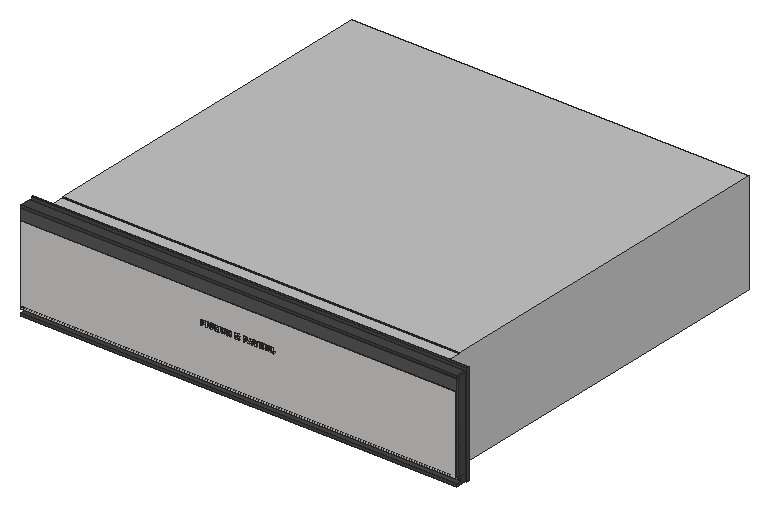
Revit family "FP_Revit_18_WB24SDEX2_Warming_Drawer_90001835A", category Specialty Equipment, Revit 2018
Family settings
  Round Connector Dimension = Use Diameter
  Part Type = Normal
  OmniClass Number = 23.40.40.00
  OmniClass Title = Food Service Equipment and Furnishings
  Work Plane-Based = No
  Always vertical = Yes
  Cut with Voids When Loaded = Yes
  Shared = No
  Room Calculation Point = No
Parameters (values of type "WB24SDEX2")
  Visibility - Clearance Required = yes
  URL = "www.fisherpaykel.com"
  Product - Width = 596 mm  # constant formula
  Product - Height = 140 mm  # constant formula
  Product - Depth = 567 mm  # constant formula
  Model = "WB24SDEX2"
  Material - Trim = Fisher & Paykel - Black
  Material - Structure = Fisher & Paykel - Black
  Material - Glass = Fisher & Paykel - Glass, Black
  Material - Door Front = Fisher & Paykel - Stainless Steel
  Material - Body = Fisher & Paykel - Grey
  Manufacturer = "Fisher & Paykel Appliances"
  FFL Offset [instance] = 740 mm
  Description = "24\" Warming Drawer"
  Connector Description - Electrical = "110 V, 60 Hz, 10 A"
  Chassis - Width = 543 mm  # constant formula
  Chassis - Height = 140 mm  # constant formula
  Chassis - Depth = 547 mm  # constant formula
  Cavity - Width = 560 mm  # constant formula
  Cavity - Height = 142 mm  # constant formula
  Cavity - Depth = 550 mm  # constant formula
Reference planes
  plane 1 "Center (Front/Back)": y = 0
  plane 2: z = 0
  plane 3 "Center (Left/Right)": x = 0
  plane 4 "Cavity - Height": z = 882
  plane 5 "Product LHS": x = -298
  plane 6 "Product RHS": x = 298
  plane 7 "Cavity LHS": x = -300
  plane 8 "Cavity RHS": x = 300
  plane 9 "Cavity - Depth": y = 550
  plane 10 "Front Face": y = -21.6
  plane 11 "Chassis - Height": z = 880
  plane 12 "FFL Offset": z = 740
  plane 13 "Product - Depth": y = 547
Forms (mm)
  Extrusion 1, solid, material "Fisher & Paykel - Grey" <- "Material - Body"
    sketch origin (0, 0, 0) x (0, 1, 0) y (0, 0, 1)
      loop
        line (18, 880) -> (18, 879) -> (0, 879) -> (0, 740) -> (512, 740) -> (512, 880) -> (18, 880)
    from -271.5 to 271.5
  Extrusion 2, solid, material "Fisher & Paykel - Black" <- "Material - Structure", detail levels fine
    sketch origin (0, 0, 0) x (0, 1, 0) y (0, 0, 1)
      loop
        line (-6, 875) -> (-15.9, 875) -> (-15.9, 751.6) -> (-6, 751.6) -> (-6, 875)
    from -298 to 298
  Extrusion 3, solid, material "Fisher & Paykel - Black" <- "Material - Structure", detail levels fine
    sketch origin (0, 0, 0) x (0, 1, 0) y (0, 0, 1)
      loop
        line (-2, 880) -> (-2, 740) -> (0, 740) -> (0, 880) -> (-2, 880)
    from -298 to 298
  Extrusion 4, solid, material "Fisher & Paykel - Black" <- "Material - Trim", detail levels fine
    sketch origin (0, 0, 0) x (0, 1, 0) y (0, 0, 1)
      loop
        line (-14.6, 748.6) -> (-11, 748.6) -> (-11, 745) -> (-19.9, 745) -> (-19.9, 742) -> (-6, 742) -> (-6, 751.6) -> (-18.226, 751.6) -> (-14.6, 748.6)
    from -298 to 298
  Extrusion 5, solid, material "Fisher & Paykel - Grey" <- "Material - Body"
    sketch origin (0, 0, 0) x (1, 0, 0) y (0, 0, 1)
      loop
        line (202, 848) -> (177, 848) -> (177, 829) -> (202, 829) -> (202, 848)
    from -547 to -512
  Extrusion 6, solid, material "Fisher & Paykel - Grey" <- "Material - Body", detail levels fine
    sketch origin (0, 0, 0) x (0, 1, 0) y (0, 0, 1)
      loop
        circle (536.996, 838.517) r 8
    from 137 to 177
  Extrusion 7, solid, material "Fisher & Paykel - Stainless Steel" <- "Material - Door Front", detail levels fine
    sketch origin (0, 0, 0) x (1, 0, 0) y (0, 0, 1)
      loop
        line (-298, 858.6) -> (-298, 751.6) -> (298, 751.6) -> (298, 858.6) -> (-298, 858.6)
    from 19.9 to 21.6
  Extrusion 8, solid, material "Fisher & Paykel - Clearance Required", visible <- "Visibility - Clearance Required", detail levels coarse
    sketch origin (0, 0, 0) x (1, 0, 0) y (0, 1, 0)
      loop
        line (-280, 0) -> (280, 0) -> (280, 550) -> (-280, 550) -> (-280, 0)
    from 740 to 882
  Extrusion 9, solid, material "Fisher & Paykel - Clearance Required", visible <- "Visibility - Clearance Required", detail levels coarse
    sketch origin (0, 41, 0) x (0, 1, 0) y (0, 0, 1)
      loop
        line (-476.6, 740) -> (-41, 740) -> (-41, 882) -> (-476.6, 882) -> (-476.6, 740)
    from -300 to 300
  Extrusion 10, solid, material "Fisher & Paykel - Stainless Steel" <- "Material - Door Front", detail levels coarse+medium
    sketch origin (0, 0, 0) x (0, 1, 0) y (0, 0, 1)
      loop
        line (-21.6, 878) -> (-21.6, 740) -> (0, 740) -> (0, 878) -> (-21.6, 878)
    from -298 to 298
  Extrusion 11, solid, material "Fisher & Paykel - Black" <- "Material - Structure", detail levels fine
    sketch origin (0, 0, 0) x (0, 1, 0) y (0, 0, 1)
      loop
        line (-2, 745) -> (-2, 859) -> (-6, 859) -> (-6, 745) -> (-2, 745)
    from -258.5 to 258.5
  Extrusion 12, solid, material "Fisher & Paykel - Black" <- "Material - Trim", detail levels fine
    sketch origin (0, 0, 0) x (0, 1, 0) y (0, 0, 1)
      loop
        line (-6, 878) -> (-20.4, 878) -> (-20.4, 875) -> (-6, 875) -> (-6, 878)
    from -298 to 298
  Extrusion 13, solid, material "Fisher & Paykel - Glass, Black" <- "Material - Glass", detail levels fine
    sketch origin (0, 0, 0) x (1, 0, 0) y (0, 0, 1)
      loop
        arc (-296, 875) -> (-297.414, 874.414) -> (-298, 873) r 2
        line (-298, 873) -> (-298, 753.6)
        arc (-298, 753.6) -> (-297.414, 752.186) -> (-296, 751.6) r 2
        line (-296, 751.6) -> (296, 751.6)
        arc (296, 751.6) -> (297.414, 752.186) -> (298, 753.6) r 2
        line (298, 753.6) -> (298, 873)
        arc (298, 873) -> (297.414, 874.414) -> (296, 875) r 2
        line (296, 875) -> (-296, 875)
    from 15.9 to 19.9
  Extrusion 14, void
    sketch origin (0, 0, 0) x (1, 0, 0) y (0, 1, 0)
      loop
        line (-280, 0) -> (280, 0) -> (280, 550) -> (-280, 550) -> (-280, 0)
    from 740 to 882
  Extrusion 15, void
    sketch origin (0, 0, 0) x (0, 1, 0) y (0, 0, 1)
      loop
        line (-21.6, 740) -> (0, 740) -> (0, 882) -> (-21.6, 882) -> (-21.6, 740)
    from -300 to 300
Text (mm)
  text "Due to ongoing product development, product details are subject to change without notice. \nPlease always refer to www.fisherpaykel.com for the most current product information. \n© Fisher & Paykel 2020" at (41.04, -543.295, 0), in view "Ref. Level (Plan)"
Dimensions and locks
  equal spacing: plane 5 "Product LHS", plane 3 "Center (Left/Right)", plane 6 "Product RHS"
  "Product - Width": plane 5 "Product LHS" to plane 6 "Product RHS"
  equal spacing: plane 7 "Cavity LHS", plane 3 "Center (Left/Right)", plane 8 "Cavity RHS"
  "Cavity - Depth": plane 9 "Cavity - Depth" to plane 1 "Center (Front/Back)"
  equal spacing: Extrusion 1, plane 3 "Center (Left/Right)", Extrusion 1
  equal spacing: Extrusion 8, plane 3 "Center (Left/Right)", Extrusion 8
  "Cavity - Width": Extrusion 8 to Extrusion 8
  "FFL Offset": plane 12 "FFL Offset" to level
  Extrusion 4 to plane 12 "FFL Offset" = 11.6 mm
  locked: Extrusion 10 to plane 11 "Chassis - Height" at 2
  locked: plane 7 "Cavity LHS" to plane 8 "Cavity RHS" at 600
  locked: nested 1 to plane 12 "FFL Offset" at 79
  "Product - Height": plane 11 "Chassis - Height" to plane 12 "FFL Offset"
  "Cavity - Height": plane 4 "Cavity - Height" to plane 12 "FFL Offset"
  Extrusion 1 to Extrusion 1 = 543 mm
  locked: plane 1 "Center (Front/Back)" to plane 10 "Front Face" at 21.6
  "Chassis - Depth": plane 1 "Center (Front/Back)" to plane 13 "Product - Depth"
  plane 10 "Front Face" to plane 13 "Product - Depth" = 568.6 mm
  "Chassis - Width": Extrusion 1 to Extrusion 1
  locked: plane 12 "FFL Offset" to Extrusion 4 at 11.6
  plane 10 "Front Face" to Extrusion 9 = 414 mm
  aligned and locked: level to plane 2
  aligned and locked: Extrusion 10 to Extrusion 3
  aligned and locked: Extrusion 9 to Extrusion 3
  aligned and locked: Extrusion 1 to plane 11 "Chassis - Height"
  aligned and locked: plane 4 "Cavity - Height" to Extrusion 8
  aligned and locked: Extrusion 3 to plane 11 "Chassis - Height"
  aligned and locked: Extrusion 13 sketch curve to plane 5 "Product LHS"
  aligned and locked: plane 6 "Product RHS" to Extrusion 13 sketch curve
  aligned and locked: Extrusion 1 to plane 12 "FFL Offset"
  aligned and locked: Extrusion 12 to plane 6 "Product RHS"
  aligned and locked: plane 5 "Product LHS" to Extrusion 12
  aligned and locked: Extrusion 5 to Extrusion 1
  aligned and locked: Extrusion 13 to Extrusion 2
  aligned and locked: Extrusion 4 to Extrusion 2
  aligned and locked: Extrusion 11 to Extrusion 3
  aligned and locked: Extrusion 11 to Extrusion 2
  aligned and locked: Extrusion 9 sketch curve to plane 4 "Cavity - Height"
  aligned and locked: Extrusion 2 sketch curve to Extrusion 4
  aligned and locked: Extrusion 8 to plane 12 "FFL Offset"
  aligned and locked: Extrusion 7 to Extrusion 2
  aligned and locked: plane 4 "Cavity - Height" to Extrusion 14
  aligned and locked: Extrusion 14 to plane 12 "FFL Offset"
  aligned and locked: Extrusion 14 to Extrusion 8  (x2)
  aligned and locked: Extrusion 5 to plane 13 "Product - Depth"
  aligned and locked: Extrusion 9 to plane 1 "Center (Front/Back)"
Automatic sketch dimensions
  Extrusion 1 sketch curve to plane 1 "Center (Front/Back)" = 0 mm
  plane 11 "Chassis - Height" to Extrusion 1 sketch curve = 0 mm
  Extrusion 1 sketch curve to plane 12 "FFL Offset" = 0 mm
  plane 11 "Chassis - Height" to Extrusion 1 sketch curve = 1 mm
  Extrusion 1 sketch curve to plane 1 "Center (Front/Back)" = 18 mm
  plane 13 "Product - Depth" to Extrusion 1 sketch curve = 35 mm
  plane 10 "Front Face" to Extrusion 2 sketch curve = 5.7 mm
  plane 1 "Center (Front/Back)" to Extrusion 2 sketch curve = 6 mm
  plane 11 "Chassis - Height" to Extrusion 2 sketch curve = 5 mm
  Extrusion 3 sketch curve to plane 12 "FFL Offset" = 0 mm
  plane 11 "Chassis - Height" to Extrusion 3 sketch curve = 0 mm
  Extrusion 3 sketch curve to plane 1 "Center (Front/Back)" = 0 mm
  plane 1 "Center (Front/Back)" to Extrusion 3 sketch curve = 2 mm
  plane 10 "Front Face" to Extrusion 4 sketch curve = 1.7 mm
  plane 10 "Front Face" to Extrusion 4 sketch curve = 3.374 mm
  Extrusion 4 sketch curve to Extrusion 4 sketch curve = 3.626 mm
  Extrusion 4 sketch curve to Extrusion 4 sketch curve = 3.6 mm  (x2)
  plane 12 "FFL Offset" to Extrusion 4 sketch curve = 2 mm
  Extrusion 4 sketch curve to Extrusion 4 sketch curve = 5 mm
  plane 12 "FFL Offset" to Extrusion 4 sketch curve = 5 mm
  Extrusion 4 sketch curve to Extrusion 4 sketch curve = 3 mm
  plane 11 "Chassis - Height" to Extrusion 5 sketch curve = 32 mm
  plane 6 "Product RHS" to Extrusion 5 sketch curve = 121 mm
  Extrusion 5 sketch curve to Extrusion 5 sketch curve = 25 mm
  Extrusion 5 sketch curve to Extrusion 5 sketch curve = 19 mm
  plane 13 "Product - Depth" to Extrusion 6 sketch curve = 10.004 mm
  plane 11 "Chassis - Height" to Extrusion 6 sketch curve = 41.483 mm
  plane 5 "Product LHS" to Extrusion 7 sketch curve = 0 mm
  plane 6 "Product RHS" to Extrusion 7 sketch curve = 0 mm
  plane 12 "FFL Offset" to Extrusion 7 sketch curve = 11.6 mm
  plane 11 "Chassis - Height" to Extrusion 7 sketch curve = 21.4 mm
  Extrusion 8 sketch curve to plane 9 "Cavity - Depth" = 0 mm
  plane 1 "Center (Front/Back)" to Extrusion 8 sketch curve = 0 mm
  Extrusion 8 sketch curve to plane 5 "Product LHS" = 18 mm
  plane 6 "Product RHS" to Extrusion 8 sketch curve = 18 mm
  Extrusion 9 sketch curve to plane 12 "FFL Offset" = 0 mm
  Extrusion 9 sketch curve to plane 1 "Center (Front/Back)" = 0 mm
  Extrusion 9 sketch curve to plane 10 "Front Face" = 414 mm
  Extrusion 10 sketch curve to plane 10 "Front Face" = 0 mm
  Extrusion 10 sketch curve to plane 1 "Center (Front/Back)" = 0 mm
  Extrusion 10 sketch curve to plane 12 "FFL Offset" = 0 mm
  plane 11 "Chassis - Height" to Extrusion 10 sketch curve = 2 mm
  plane 1 "Center (Front/Back)" to Extrusion 11 sketch curve = 6 mm
  plane 1 "Center (Front/Back)" to Extrusion 11 sketch curve = 2 mm
  plane 12 "FFL Offset" to Extrusion 11 sketch curve = 5 mm
  plane 11 "Chassis - Height" to Extrusion 11 sketch curve = 21 mm
  plane 10 "Front Face" to Extrusion 12 sketch curve = 1.2 mm
  plane 1 "Center (Front/Back)" to Extrusion 12 sketch curve = 6 mm
  plane 11 "Chassis - Height" to Extrusion 12 sketch curve = 5 mm
  plane 11 "Chassis - Height" to Extrusion 12 sketch curve = 2 mm
  Extrusion 13 sketch curve to plane 5 "Product LHS" = 2 mm  (x2)
  plane 6 "Product RHS" to Extrusion 13 sketch curve = 2 mm  (x2)
  plane 12 "FFL Offset" to Extrusion 13 sketch curve = 11.6 mm
  plane 11 "Chassis - Height" to Extrusion 13 sketch curve = 7 mm
  Extrusion 14 sketch curve to plane 9 "Cavity - Depth" = 0 mm
  plane 1 "Center (Front/Back)" to Extrusion 14 sketch curve = 0 mm
  Extrusion 14 sketch curve to plane 5 "Product LHS" = 18 mm
  plane 6 "Product RHS" to Extrusion 14 sketch curve = 18 mm
  Extrusion 15 sketch curve to plane 4 "Cavity - Height" = 0 mm
  Extrusion 15 sketch curve to plane 12 "FFL Offset" = 0 mm
  Extrusion 15 sketch curve to plane 1 "Center (Front/Back)" = 0 mm
  Extrusion 15 sketch curve to plane 10 "Front Face" = 0 mm
  radius of Extrusion 6 sketch curve = 8 mm
Nested families
  nested 1: "F&P Logo 100mm" at (0, -21.6, 819.109), type "Grey"
Connectors
  electrical at (137, 536.996, 838.517), driven by "Connector Description - Electrical"
    settings: on Extrusion 6, index 1, voltage 110 V, apparent load 0 VA, apparent load phase1 0 VA, apparent load phase2 0 VA, apparent load phase3 0 VA, power factor 1, load classification "Other", number of poles 1, system type 30, power factor state 1, is connector primary yes, connector utility no, sub classification motor no, connector description "110 V, 60 Hz, 10 A"
Definition of nested family "F&P Logo 100mm"
  Parameters (values of type "Grey")
    URL = "www.fisherpaykel.com"
    Material - Logo = none
    Manufacturer = "Fisher & Paykel Appliances"
  Types (2): name
    Chrome
    Grey
  Reference planes
    plane 1 "Center (Front/Back)": y = 0
    plane 2: z = 0
    plane 3 "Center (Left/Right)": x = 0
  Forms (mm)
    Extrusion 1, solid, material <- "Material - Logo", detail levels fine
      sketch origin (0, 0, 0) x (1, 0, 0) y (0, 0, 1)
        loop
          line (-50.044, 0) -> (-48.47, 0) -> (-48.47, 2.138) -> (-46.011, 2.138) -> (-46.011, 3.472) -> (-48.47, 3.472) -> (-48.47, 4.712) -> (-45.795, 4.712) -> (-45.795, 6.04) -> (-50.044, 6.04) -> (-50.044, 0)
        loop
          line (-42.804, 6.04) -> (-42.804, 0) -> (-41.23, 0) -> (-41.23, 6.04) -> (-42.804, 6.04)
        loop
          line (-30.724, 6.04) -> (-30.724, 0) -> (-29.151, 0) -> (-29.151, 2.42) -> (-26.839, 2.42) -> (-26.839, 0) -> (-25.265, 0) -> (-25.265, 6.04) -> (-26.839, 6.04) -> (-26.839, 3.748) -> (-29.151, 3.748) -> (-29.151, 6.04) -> (-30.724, 6.04)
        loop
          line (-21.906, 6.04) -> (-21.906, 0) -> (-17.602, 0) -> (-17.602, 1.328) -> (-20.347, 1.328) -> (-20.347, 2.42) -> (-17.838, 2.42) -> (-17.838, 3.748) -> (-20.347, 3.748) -> (-20.347, 4.712) -> (-17.602, 4.712) -> (-17.602, 6.04) -> (-21.906, 6.04)
        loop
          line (45.667, 6.04) -> (45.667, 0) -> (49.956, 0) -> (49.956, 1.328) -> (47.241, 1.328) -> (47.241, 6.04) -> (45.667, 6.04)
        loop
          line (42.431, 6.04) -> (38.112, 6.04) -> (38.112, 0) -> (42.431, 0) -> (42.431, 1.328) -> (39.687, 1.328) -> (39.687, 2.42) -> (42.195, 2.42) -> (42.195, 3.748) -> (39.687, 3.748) -> (39.687, 4.712) -> (42.431, 4.712) -> (42.431, 6.04)
        loop
          line (33.451, 3.148) -> (35.683, 6.04) -> (33.844, 6.04) -> (31.915, 3.542) -> (31.915, 6.04) -> (30.342, 6.04) -> (30.342, 0) -> (31.915, 0) -> (31.915, 2.705) -> (33.903, 0) -> (35.763, 0) -> (33.451, 3.148)
        loop
          line (21.98, 6.04) -> (24.262, 2.42) -> (24.262, 0) -> (25.837, 0) -> (25.837, 2.341) -> (28.119, 6.04) -> (26.446, 6.04) -> (25.099, 3.707) -> (23.753, 6.04) -> (21.98, 6.04)
        loop
          line (18.479, 6.04) -> (16.983, 6.04) -> (14.524, 0) -> (16.069, 0) -> (16.501, 1.112) -> (18.921, 1.112) -> (19.354, 0) -> (20.938, 0) -> (18.479, 6.04)
        loop
          line (18.4, 2.439) -> (17.693, 4.174) -> (17.018, 2.439) -> (18.4, 2.439)
        loop
          line (8.031, 6.04) -> (8.031, 0) -> (9.605, 0) -> (9.605, 1.938) -> (10.599, 1.938)
          arc (10.599, 1.938) -> (12.65, 3.989) -> (10.599, 6.04) r 2.051
          line (10.599, 6.04) -> (8.031, 6.04)
        loop
          line (9.605, 4.712) -> (9.605, 3.197) -> (10.501, 3.197)
          arc (10.501, 3.197) -> (11.259, 3.954) -> (10.501, 4.712) r 0.757
          line (10.501, 4.712) -> (9.605, 4.712)
        loop
          line (-11.783, 6.04) -> (-14.366, 6.04) -> (-14.366, 0) -> (-12.792, 0) -> (-12.792, 1.336) -> (-11.992, 1.336) -> (-10.972, 0) -> (-9.153, 0) -> (-10.694, 1.973)
          arc (-10.694, 1.973) -> (-9.678, 4.424) -> (-11.783, 6.04) r 2.179
        loop
          line (-11.897, 4.712) -> (-12.792, 4.712) -> (-12.792, 3.053) -> (-11.897, 3.053)
          arc (-11.897, 3.053) -> (-11.068, 3.882) -> (-11.897, 4.712) r 0.83
        loop
          line (0.477, 4.712) -> (0.477, 6.153) -> (-3.575, 6.153) -> (-3.575, 4.851) -> (-2.974, 4.112)
          arc (-2.974, 4.112) -> (-3.51, 0.684) -> (-0.045, 0.512) r 2.334
          line (-0.045, 0.512) -> (0.46, -0.109) -> (2.246, -0.109) -> (0.86, 1.594) -> (2.061, 3.324) -> (0.443, 3.324) -> (-0.013, 2.667) -> (-1.677, 4.712) -> (0.477, 4.712)
        loop
          arc (-2.125, 3.068) -> (-2.269, 1.668) -> (-0.868, 1.524) r 0.996
          line (-0.868, 1.524) -> (-2.125, 3.068)
        loop
          line (-35.18, 3.634) -> (-36.516, 3.91)
          arc (-36.516, 3.91) -> (-37.049, 4.443) -> (-36.516, 4.976) r 0.533
          arc (-36.516, 4.976) -> (-35.235, 4.79) -> (-34.059, 4.248) r 4.505
          line (-34.059, 4.248) -> (-34.059, 5.743)
          arc (-34.059, 5.743) -> (-35.549, 6.179) -> (-37.1, 6.109) r 4.726
          arc (-37.1, 6.109) -> (-38.536, 4.335) -> (-37.1, 2.561) r 1.814
          line (-37.1, 2.561) -> (-35.754, 2.282)
          arc (-35.754, 2.282) -> (-35.221, 1.749) -> (-35.754, 1.216) r 0.533
          arc (-35.754, 1.216) -> (-37.035, 1.402) -> (-38.211, 1.945) r 4.505
          line (-38.211, 1.945) -> (-38.211, 0.449)
          arc (-38.211, 0.449) -> (-36.72, 0.013) -> (-35.169, 0.083) r 4.726
          arc (-35.169, 0.083) -> (-33.734, 1.863) -> (-35.18, 3.634) r 1.814
      from 0 to 0.8
  Dimensions and locks
    aligned and locked: level to plane 2
